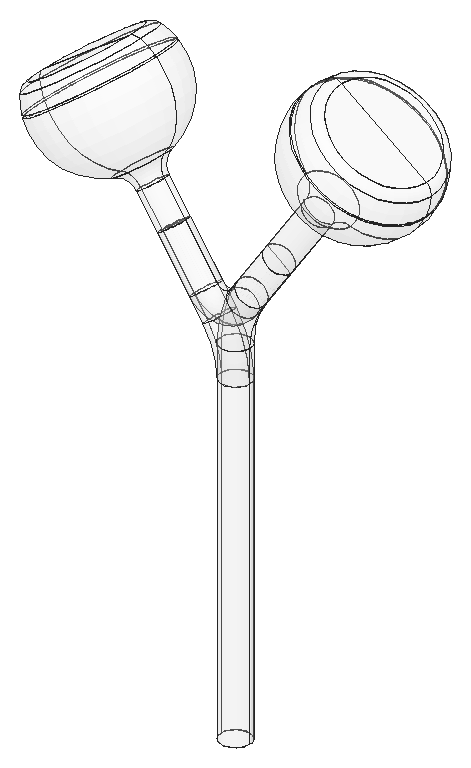
Revit family "AG_Ikea_Solvinden_solar lamp", category Arredi, Revit 2015
Reference planes
  plane 1 "Centro (Fronte/Retro)": y = 0
  plane 2: z = 0
  plane 3 "Centro (Sinistra/Destra)": x = 0
  plane 4: z = 497
  plane 5: through (115, -1524, 467) normal (0.8192, 0, -0.5736)
  plane 6: through (-115, -1524, 442) normal (0.8192, 0, 0.5736)
Forms (mm)
  Revolve 1, solid, material "lampada Ikea"
    sketch origin (0, 0, 0) x (1, 0, 0) y (0, 0, 1)
      loop
        arc (84.045, 494.167) -> (79.612, 495.761) -> (74.982, 494.886) r 8.965
        arc (74.982, 494.886) -> (67.514, 490.419) -> (60.922, 484.738) r 50.522
        arc (60.922, 484.738) -> (61.035, 483.862) -> (60.155, 483.935) r 0.568
        arc (60.155, 483.935) -> (46.667, 452.759) -> (55.968, 420.089) r 50.522
        arc (55.968, 420.089) -> (58.762, 411.441) -> (56.049, 402.767) r 15
        line (56.049, 402.767) -> (25.037, 358.478) -> (34.414, 351.912) -> (117.581, 470.686) -> (84.045, 494.167)
      axis (117.581, 470.686) -> (34.414, 351.912)
    angle from 0 to 360
  Revolve 2, solid, material "lampada Ikea"
    sketch origin (0, 0, -25) x (-1, 0, 0) y (0, 0, 1)
      loop
        arc (84.045, 494.167) -> (79.612, 495.761) -> (74.982, 494.886) r 8.965
        arc (74.982, 494.886) -> (69.044, 491.481) -> (63.62, 487.306) r 50.522
        arc (63.62, 487.306) -> (63.765, 486.159) -> (62.638, 486.414) r 0.706
        arc (62.638, 486.414) -> (46.812, 454.508) -> (55.968, 420.089) r 50.522
        arc (55.968, 420.089) -> (58.762, 411.441) -> (56.049, 402.767) r 15
        line (56.049, 402.767) -> (39.377, 378.957) -> (48.754, 372.391) -> (117.581, 470.686) -> (84.045, 494.167)
      axis (117.581, 470.686) -> (48.754, 372.391)
    angle from 0 to 360
  Sweep 3, solid, material "lampada Ikea"
    path origin (0, 0, 0) x (1, 0, 0) y (0, 0, 1)
      loop
        line (0, 0) -> (0, 280.692)
        arc (0, 280.692) -> (3.24, 301.741) -> (12.659, 320.842) r 70
        line (12.659, 320.842) -> (34.415, 351.912)
    profile origin (0, 0, 140.346) x (-1, 0, 0) y (0, -1, 0)
      loop
        circle (0, 0) r 11.447
  Sweep 4, solid, material "lampada Ikea"
    path origin (0, 0, 0) x (1, 0, 0) y (0, 0, 1)
      loop
        line (34.414, 351.912) -> (5.935, 311.239)
        arc (5.935, 311.239) -> (-8.753, 303.593) -> (-23.44, 311.239) r 17.93
        line (-23.44, 311.239) -> (-48.754, 347.391)
    profile origin (-36.097, 0, 329.315) x (-0.819152, 0, -0.573576) y (0, -1, 0)
      loop
        circle (0, 0) r 11.447
  Sweep 5, solid, material "lampada Ikea"
    path origin (0, 0, -25) x (-1, 0, 0) y (0, 0, 1)
      loop
        line (0, 25) -> (0, 280.692)
        arc (0, 280.692) -> (3.24, 301.741) -> (12.659, 320.842) r 70
        line (12.659, 320.842) -> (48.754, 372.391)
    profile origin (0, 0, 127.846) x (-1, 0, 0) y (0, -1, 0)
      loop
        circle (0, 0) r 11.447
Cuts and joins
  joined: Revolve 1, Revolve 2
Dimensions and locks
  aligned and locked: level to plane 2
  aligned and locked: cut or joined group of Revolve 1, Revolve 2 to Sweep 3
  aligned and locked: cut or joined group of Revolve 1, Revolve 2 to Sweep 4
  aligned and locked: Sweep 5 sketch curve to plane 6
  aligned and locked: cut or joined group of Revolve 1, Revolve 2 to Sweep 5 sketch curve
